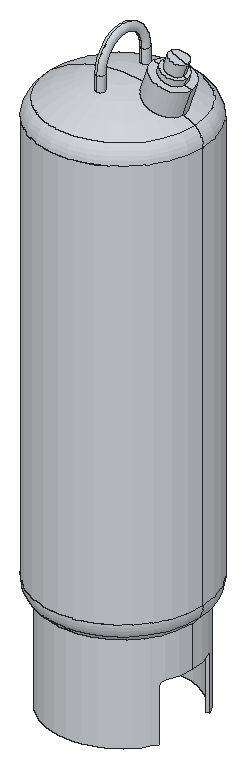
Revit family
Parameters (values of type "ST-35-CL 150# W.P. 10 BAR")
  Weight = "69 lbs"
  Tank Volume = "10 Gal"
  Tank Only/Less Stand = 31.472"
  Tank Height/Length = 35.313"
  Tank Diameter = 10.000"
  Pipe Connector Diameter = Pipe Connection Radius * 2  # 1.000"
  Pipe Connection Radius = 0.500"
  Model = "ST-35-CL"
  Maximum Acceptance Volume = "10 Gal"
  Max Operating Temp = "240 DEG F"
  Max Operating Pressure = "150 PSI"
  Manufacturer = "Amtrol"
  Lifting Ring Location = 3.500" / 2  # 1.750"
  Floor to Elbow Centerline = 1.688"
  Floor to Bottom of Tank = 3.841"
  Bladder/Diaphragm = "Bladder"
  ASME = yes
Reference planes (in)
  plane 1 "Center (Front/Back)": y = 0
  plane 2: z = 0
  plane 3 "Center (Left/Right)": x = 0
Forms (in)
  Revolve 1, solid
    sketch origin (0, 0, 0) x (1, 0, 0) y (0, 0, 1)
      loop
        line (0, 35.313) -> (0, 3.841) -> (3.19936, 3.841) -> (3.19936, 4.341) -> (2.165, 4.341) -> (2.165, 4.537) -> (3.19936, 4.537) -> (3.19936, 5.44775)
        arc (3.19936, 5.44775) -> (3.27707, 5.47994) -> (3.30927, 5.55766) r 0.10991
        arc (3.30927, 5.55766) -> (4.07072, 5.87962) -> (4.69528, 6.42127) r 2.64049
        arc (4.69528, 6.42127) -> (4.92132, 6.81207) -> (4.99984, 7.25666) r 1.298
        line (4.99984, 7.25666) -> (4.99984, 32.85698)
        arc (4.99984, 32.85698) -> (4.84865, 33.42123) -> (4.4654, 33.8621) r 1.29841
        arc (4.4654, 33.8621) -> (2.3476, 34.94118) -> (0, 35.313) r 7.597
      axis (0, 3.841) -> (0, 35.313)
    angle from 0 to 360
  Revolve 2, solid
    sketch origin (0, 0, 0) x (1, 0, 0) y (0, 0, 1)
      loop
        line (3.49813, 37.33998) -> (2.55125, 34.59006) -> (3.74301, 34.1797) -> (4.31275, 35.83436) -> (3.88468, 35.98176) -> (4.00697, 36.33693) -> (3.77711, 36.41608) -> (4.03194, 37.15618) -> (3.49813, 37.33998)
      axis (2.55125, 34.59006) -> (3.49813, 37.33998)
    angle from 0 to 360
  Revolve 3, solid
    sketch origin (0, 0, 0) x (1, 0, 0) y (0, 0, 1)
      loop
        line (-4.33638, 0) -> (-4.08638, 0) -> (-4.08638, 6.5) -> (-4.33638, 6.5) -> (-4.33638, 0)
      axis (0, 0) -> (0, 6.5)
    angle from 0 to 360
  Revolve 4, solid
    sketch origin (0, 0, 0) x (1, 0, 0) y (0, 0, 1)
      loop
        line (0.6492, 3.3675) -> (0.6492, 4.19707) -> (0, 4.19707) -> (0, 3.3675) -> (0.6492, 3.3675)
      axis (0, 3.3675) -> (0, 4.19707)
    angle from 0 to 360
  Extrusion 5, void
    sketch origin (0, 0, 0) x (0, 1, 0) y (0, 0, 1)
      loop
        line (0, 3.5) -> (-1.75, 3.5)
        arc (-1.75, 3.5) -> (-1.92678, 3.42678) -> (-2, 3.25) r 0.25
        line (-2, 3.25) -> (-2, -0.25) -> (2, -0.25) -> (2, 3.25)
        arc (2, 3.25) -> (1.92678, 3.42678) -> (1.75, 3.5) r 0.25
        line (1.75, 3.5) -> (0, 3.5)
    from 2.84574 to 12
  Sweep 6, solid
    path origin (0, 0, 0) x (1, 0, 0) y (0, 0, 1)
      loop
        line (0, 3.188) -> (0, 2.886)
        arc (0, 2.886) -> (0.35089, 2.03889) -> (1.198, 1.688) r 1.198
        line (1.198, 1.688) -> (1.5, 1.688)
    profile origin (0, 0, 3.037) x (0, -1, 0) y (1, 0, 0)
      loop
        circle (0, 0) r 0.75
  Sweep 7, solid
    path origin (0, 0, 0) x (0, 1, 0) y (0, 0, 1)
      loop
        line (1.75, 35.08602) -> (1.75, 36.00246)
        arc (1.75, 36.00246) -> (0, 37.75246) -> (-1.75, 36.00246) r 1.75
        line (-1.75, 36.00246) -> (-1.75, 35.08602)
    profile origin (0, 1.75, 35.54424) x (0, -1, 0) y (1, 0, 0)
      loop
        circle (0, 0) r 0.25
Cuts and joins
  Extrusion 5 cuts Revolve 3
  Extrusion 5 cuts Revolve 4
Dimensions and locks (in)
  "Floor to Bottom of Tank": Revolve 1 sketch curve to level
  "Tank Only/Less Stand": Revolve 1 sketch curve to Revolve 1 sketch curve
  Revolve 1 sketch curve to Revolve 1 sketch curve = 6.29859"
  Revolve 1 sketch curve to Revolve 1 sketch curve = 4.99984"
  Revolve 2 sketch curve to Revolve 1 = 1.32272"
  Revolve 2 sketch curve to Revolve 1 = 1.73308"
  Revolve 2 sketch curve to Revolve 2 sketch curve = 1.750"
  Revolve 2 sketch curve to Revolve 2 sketch curve = 2.12564"
  Revolve 2 sketch curve to Revolve 2 sketch curve = 2.90838"
  "Floor to Elbow Centerline": Sweep 6 sketch curve to cut or joined group of Revolve 3, Extrusion 5
  "Lifting Ring Location": Sweep 7 sketch curve to plane 1 "Center (Front/Back)"
  aligned and locked: import instance to plane 3 "Center (Left/Right)"
  aligned and locked: import instance to plane 1 "Center (Front/Back)"
Automatic sketch dimensions
  Revolve 1 sketch curve to plane 3 "Center (Left/Right)" = 0.000"  (x2)
  plane 3 "Center (Left/Right)" to Revolve 1 sketch curve = 2.165"
  Revolve 1 sketch curve to Revolve 1 sketch curve = 2.3255"
  Revolve 1 sketch curve to Revolve 1 sketch curve = 1.03436"
  Revolve 1 sketch curve to Revolve 1 sketch curve = 0.000"  (x4)
  Revolve 1 sketch curve to Revolve 1 sketch curve = 0.10991"
  Revolve 1 sketch curve to Revolve 1 sketch curve = 1.298"
  Revolve 1 sketch curve to Revolve 1 sketch curve = 1.29762"
  Revolve 1 sketch curve to Revolve 1 sketch curve = 0.53443"
  Revolve 1 sketch curve to Revolve 1 sketch curve = 0.30455"
  Revolve 1 sketch curve to Revolve 1 sketch curve = 0.500"
  Revolve 1 sketch curve to Revolve 1 sketch curve = 0.196"
  Revolve 1 sketch curve to Revolve 1 sketch curve = 0.91075"
  Revolve 1 sketch curve to Revolve 1 sketch curve = 6.028"
  plane 3 "Center (Left/Right)" to Revolve 2 sketch curve = 2.55125"
  Revolve 2 sketch curve to Revolve 2 sketch curve = 0.000"  (x2)
  Revolve 2 sketch curve to Revolve 2 sketch curve = 0.13243"
  Revolve 2 sketch curve to Revolve 2 sketch curve = 0.27898"
  Revolve 2 sketch curve to Revolve 2 sketch curve = 0.10757"
  Revolve 2 sketch curve to Revolve 2 sketch curve = 0.22987"
  Revolve 2 sketch curve to Revolve 2 sketch curve = 0.38461"
  Revolve 3 sketch curve to level = 0.000"  (x2)
  Revolve 3 sketch curve to plane 3 "Center (Left/Right)" = 0.000"
  Revolve 3 sketch curve to plane 3 "Center (Left/Right)" = 4.08638"
  Revolve 3 sketch curve to Revolve 3 sketch curve = 0.250"
  level to Revolve 3 sketch curve = 6.500"
  Revolve 3 sketch curve to Revolve 3 sketch curve = 2.000"
  Revolve 4 sketch curve to plane 3 "Center (Left/Right)" = 0.000"  (x2)
  plane 3 "Center (Left/Right)" to Revolve 4 sketch curve = 0.6492"
  level to Revolve 4 sketch curve = 3.3675"
  Revolve 4 sketch curve to Revolve 4 sketch curve = 0.000"
  Revolve 4 sketch curve to Revolve 4 sketch curve = 0.82957"
  Revolve 4 sketch curve to Revolve 4 sketch curve = 1.25068"
  Extrusion 5 sketch curve to plane 1 "Center (Front/Back)" = 0.000"
  plane 1 "Center (Front/Back)" to Extrusion 5 sketch curve = 1.750"
  Extrusion 5 sketch curve to Extrusion 5 sketch curve = 0.250"  (x2)
  Extrusion 5 sketch curve to plane 1 "Center (Front/Back)" = 1.750"
  Extrusion 5 sketch curve to level = 0.250"
  level to Extrusion 5 sketch curve = 3.250"
  Sweep 6 sketch curve to plane 3 "Center (Left/Right)" = 0.000"
  Sweep 6 sketch curve to Sweep 6 sketch curve = 1.198"
  Sweep 6 sketch curve to Sweep 6 sketch curve = 0.302"  (x2)
  plane 1 "Center (Front/Back)" to Sweep 6 sketch curve = 0.000"
  Sweep 6 sketch curve to profile plane = 0.000"
  plane 1 "Center (Front/Back)" to Sweep 7 sketch curve = 0.000"
  level to Sweep 7 sketch curve = 35.08602"
  Sweep 7 sketch curve to Sweep 7 sketch curve = 0.000"
  Sweep 7 sketch curve to Sweep 7 sketch curve = 0.91644"
  Sweep 7 sketch curve to plane 3 "Center (Left/Right)" = 0.000"
  Sweep 7 sketch curve to profile plane = 0.000"
  radius of Sweep 6 sketch curve = 0.750"
  radius of Sweep 7 sketch curve = 0.250"
Connectors (in)
  piping at (1.5, 0, 1.688), driven by "Pipe Connection Radius"
    settings: on Sweep 6, index 1
